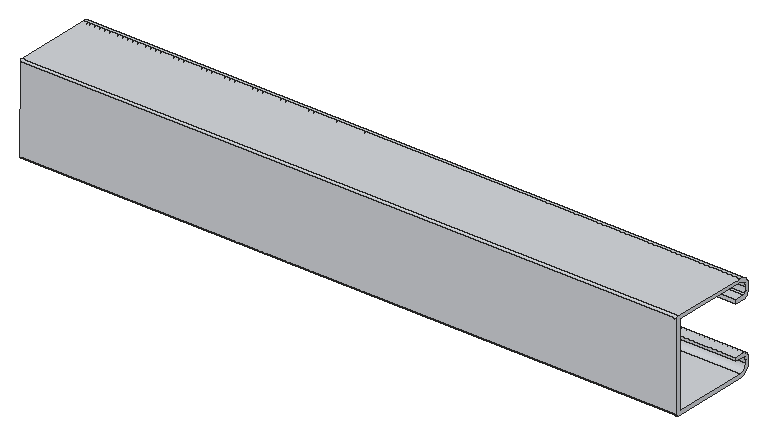
Revit family "Rvt 2016 - Unistrut", category Electrical Fixtures, host Face, Revit 2016
Family settings
  Host = Face
  Maintain Annotation Orientation = No
  Part Type = Normal
  Round Connector Dimension = Use Diameter
  Cut with Voids When Loaded = No
  Shared = No
  Room Calculation Point = No
Parameters (values of type "Unistrut - Up Facing - 1 5/8"")
  Up Facing Small = if(and(Strut Size = 0' 0 13/16", Up), 1 = 1, 1 = 2)  # no
  Up Facing Big = if(and(Strut Size = 0' 1 5/8", Up), 1 = 1, 1 = 2)  # yes
  Up = yes
  Strut Size = 0' - 1 5/8"
  Strut Length [instance] = 1' - 0"
  Spacing From Wall [instance] = 0' - 0"
  Side Facing Small = if(and(Strut Size = 0' 0 13/16", Side), 1 = 1, 1 = 2)  # no
  Side Facing Big = if(and(Strut Size = 0' 1 5/8", Side), 1 = 1, 1 = 2)  # no
  Side = no
  Down Facing Small = if(and(Strut Size = 0' 0 13/16", Down), 1 = 1, 1 = 2)  # no
  Down Facing Big = if(and(Strut Size = 0' 1 5/8", Down), 1 = 1, 1 = 2)  # no
  Down = no
  Default Elevation = 4' - 0"
Types (7): name | Up Facing Small | Up Facing Big | Up | Strut Size | Side Facing Small | Side Facing Big | Side | Down Facing Small | Down Facing Big | Down
  (no name) | no | yes | yes | 0' - 1 5/8" | no | no | no | no | no | no
  Unistrut - Side Facing - 13/16" | no | no | no | 0' - 0 13/16" | yes | no | yes | no | no | no
  Unistrut - Side Facing - 1 5/8" | no | no | no | 0' - 1 5/8" | no | yes | yes | no | no | no
  Unistrut - Down Facing - 13/16" | no | no | no | 0' - 0 13/16" | no | no | no | yes | no | yes
  Unistrut - Down Facing - 1 5/8" | no | no | no | 0' - 1 5/8" | no | no | no | no | yes | yes
  Unistrut - Up Facing - 13/16" | yes | no | yes | 0' - 0 13/16" | no | no | no | no | no | no
  Unistrut - Up Facing - 1 5/8" | no | yes | yes | 0' - 1 5/8" | no | no | no | no | no | no
Reference planes (in)
  plane 1 "Center (Front/Back)": y = 0
  plane 2: z = 0
  plane 3 "Center (Left/Right)": x = 0
  plane 4: x = -6
  plane 5: x = 6
  plane 6: z = 0
Dimensions and locks (in)
  equal spacing: plane 4, plane 3 "Center (Left/Right)", plane 5
  "Strut Length": plane 4 to plane 5
  "Spacing From Wall": plane 6 to host face
  aligned and locked: plane 2 to host face
  aligned and locked: level to host face
  aligned and locked: plane 5 to nested 4
  aligned and locked: plane 4 to nested 3
  aligned and locked: plane 5 to nested 3
  aligned and locked: nested 1 to plane 5
  aligned and locked: nested 1 to plane 4
  aligned and locked: plane 4 to nested 2
  aligned and locked: plane 5 to nested 2
  aligned and locked: plane 4 to nested 4
  aligned and locked: nested 4 to plane 6
  aligned and locked: nested 2 to plane 6
  aligned and locked: nested 1 to plane 6
  aligned and locked: nested 3 to plane 6
  aligned and locked: plane 4 to nested 6
  aligned and locked: plane 5 to nested 6
  aligned and locked: plane 5 to nested 5
  aligned and locked: plane 4 to nested 5
  aligned and locked: nested 6 to plane 6
  aligned and locked: nested 5 to plane 6
Automatic sketch dimensions
  host sketch curve to host sketch curve = 8' - 0"  (x2)
Nested families (in)
  nested 1: "Unistrut Model Base - 13_16 in - Up Open" at (0, 1.625, 0.8125) x (-1, 0, 0) z (0, 0, 1), visible <- "Side Facing Small", type "Unistrut Model Base - 13_16 in - Up Open"
    with Strut Length 1' - 0"
  nested 2: "Unistrut Model Base - 1_5_8th in - Up Open" at (0, 0, 1.625), visible <- "Side Facing Big", type "Unistrut Model Base - 1_5_8th in - Up Open"
    with Strut length 1' - 0"
  nested 3: "Unistrut Model Base - 13_16 in - Side Open Rev" at (0, 0, 1.625), visible <- "Up Facing Small", type "Unistrut Model Base - 13_16 in - Side Open Rev"
    with Strut Length 1' - 0"
  nested 4: "Unistrut Model Base - 1_5_8th in - Side Open Rev" at (0, 0, 1.625), visible <- "Up Facing Big", type "Unistrut Model Base - 1_5_8th in - Side Open Rev"
    with Strut length 1' - 0"
  nested 5: "Unistrut Model Base - 13_16 in - Side Open" at (0, 0, 1.625), visible <- "Down Facing Small", type "Unistrut Model Base - 13_16 in - Side Open"
    with Strut Length 1' - 0"
  nested 6: "Unistrut Model Base - 1_5_8th in - Side Open" at (0, 0, 1.625), visible <- "Down Facing Big", type "Unistrut Model Base - 1_5_8th in - Side Open"
    with Strut length 1' - 0"
Definition of nested family "Unistrut Model Base - 13_16 in - Up Open"
  Parameters (values of type "Unistrut Model Base - 13_16 in - Up Open")
    Strut Length [instance] = 1' - 0"
  Reference planes (in)
    plane 1 "Center (Front/Back)": y = 0
    plane 2: z = 0
    plane 3 "Center (Left/Right)": x = 0
    plane 4: x = -6
    plane 5: x = 6
  Forms (in)
    Extrusion 1, solid
      sketch origin (-5.76274, 0.8125, -0.73351) x (0, 1, 0) y (0, 0, 1)
        loop
          arc (0.8125, 0.55294) -> (0.75715, 0.68309) -> (0.625, 0.73351) r 0.1807
          arc (0.625, 0.73351) -> (0.56959, 0.72813) -> (0.5152, 0.71625) r 0.47073
          arc (0.5152, 0.71625) -> (0.46967, 0.6925) -> (0.4375, 0.65247) r 0.12524
          line (0.4375, 0.65247) -> (0.4375, 0.45226) -> (0.5, 0.45226) -> (0.5, 0.63471)
          arc (0.5, 0.63471) -> (0.51438, 0.64793) -> (0.53213, 0.65608) r 0.06274
          arc (0.53213, 0.65608) -> (0.5793, 0.66639) -> (0.62735, 0.67106) r 0.40823
          arc (0.62735, 0.67106) -> (0.71379, 0.63808) -> (0.75, 0.55294) r 0.1182
          line (0.75, 0.55294) -> (0.75, -0.01649) -> (-0.75, -0.01649) -> (-0.75, 0.55294)
          arc (-0.75, 0.55294) -> (-0.71379, 0.63808) -> (-0.62735, 0.67106) r 0.1182
          arc (-0.62735, 0.67106) -> (-0.5793, 0.66639) -> (-0.53213, 0.65608) r 0.40823
          arc (-0.53213, 0.65608) -> (-0.51438, 0.64793) -> (-0.5, 0.63471) r 0.06274
          line (-0.5, 0.63471) -> (-0.5, 0.45226) -> (-0.4375, 0.45226) -> (-0.4375, 0.65247)
          arc (-0.4375, 0.65247) -> (-0.46967, 0.6925) -> (-0.5152, 0.71625) r 0.12524
          arc (-0.5152, 0.71625) -> (-0.56959, 0.72813) -> (-0.625, 0.73351) r 0.47073
          arc (-0.625, 0.73351) -> (-0.75715, 0.68309) -> (-0.8125, 0.55294) r 0.1807
          line (-0.8125, 0.55294) -> (-0.8125, -0.04774)
          arc (-0.8125, -0.04774) -> (-0.80335, -0.06984) -> (-0.78125, -0.07899) r 0.03125
          line (-0.78125, -0.07899) -> (0.78125, -0.07899)
          arc (0.78125, -0.07899) -> (0.80335, -0.06984) -> (0.8125, -0.04774) r 0.03125
          line (0.8125, -0.04774) -> (0.8125, 0.55294)
      from -0.23726 to 11.76274
  Dimensions and locks (in)
    equal spacing: plane 4, plane 3 "Center (Left/Right)", plane 5
    "Strut Length": plane 4 to plane 5
    aligned and locked: plane 2 to level
    aligned and locked: Extrusion 1 to plane 4
    aligned and locked: plane 5 to Extrusion 1
  Automatic sketch dimensions
    Extrusion 1 sketch curve to Extrusion 1 sketch curve = 0' - 0"  (x14)
    Extrusion 1 sketch curve to plane 1 "Center (Front/Back)" = 0' - 0"
    Extrusion 1 sketch curve to level = 0' - 0"  (x4)
    Extrusion 1 sketch curve to plane 1 "Center (Front/Back)" = 0' - 0 1/32"
    Extrusion 1 sketch curve to plane 1 "Center (Front/Back)" = 0' - 0 1/16"
    Extrusion 1 sketch curve to plane 1 "Center (Front/Back)" = 0' - 0.16979"
    Extrusion 1 sketch curve to Extrusion 1 sketch curve = 0' - 0.1182"
    Extrusion 1 sketch curve to Extrusion 1 sketch curve = 0' - 0.08267"  (x2)
    Extrusion 1 sketch curve to Extrusion 1 sketch curve = 0' - 0.04913"  (x2)
    Extrusion 1 sketch curve to Extrusion 1 sketch curve = 0' - 0 1/16"  (x2)
    Extrusion 1 sketch curve to level = 0' - 0 9/32"
    Extrusion 1 sketch curve to Extrusion 1 sketch curve = 0' - 0 7/8"
    Extrusion 1 sketch curve to Extrusion 1 sketch curve = 0' - 0.14271"
    Extrusion 1 sketch curve to Extrusion 1 sketch curve = 0' - 0.10729"
    Extrusion 1 sketch curve to Extrusion 1 sketch curve = 0' - 0 1/32"  (x3)
    Extrusion 1 sketch curve to level = 0' - 0.4704"
    Extrusion 1 sketch curve to Extrusion 1 sketch curve = 0' - 0.18915"
    Extrusion 1 sketch curve to Extrusion 1 sketch curve = 0' - 0.2796"
    Extrusion 1 sketch curve to Extrusion 1 sketch curve = 0' - 0.10067"
    Extrusion 1 sketch curve to Extrusion 1 sketch curve = 0' - 0.04275"  (x2)
    Extrusion 1 sketch curve to Extrusion 1 sketch curve = 0' - 0.03902"  (x2)
    Extrusion 1 sketch curve to Extrusion 1 sketch curve = 0' - 0.01776"  (x2)
Definition of nested family "Unistrut Model Base - 1_5_8th in - Up Open"
  Parameters (values of type "Unistrut Model Base - 1_5_8th in - Up Open")
    Strut length [instance] = 1' - 0"
  Reference planes (in)
    plane 1 "Center (Front/Back)": y = 0
    plane 2: z = 0
    plane 3 "Center (Left/Right)": x = 0
    plane 4: x = -6
    plane 5: x = 6
  Forms (in)
    Extrusion 1, solid
      sketch origin (12.75, 0.8125, -1.54601) x (0, 1, 0) y (0, 0, 1)
        loop
          arc (0.8125, 1.36544) -> (0.75715, 1.49559) -> (0.625, 1.54601) r 0.1807
          arc (0.625, 1.54601) -> (0.56959, 1.54063) -> (0.5152, 1.52875) r 0.47073
          arc (0.5152, 1.52875) -> (0.46967, 1.505) -> (0.4375, 1.46497) r 0.12524
          line (0.4375, 1.46497) -> (0.4375, 1.26476) -> (0.5, 1.26476) -> (0.5, 1.44721)
          arc (0.5, 1.44721) -> (0.51438, 1.46043) -> (0.53213, 1.46858) r 0.06274
          arc (0.53213, 1.46858) -> (0.5793, 1.47889) -> (0.62735, 1.48356) r 0.40823
          arc (0.62735, 1.48356) -> (0.71379, 1.45058) -> (0.75, 1.36544) r 0.1182
          line (0.75, 1.36544) -> (0.75, -0.01649) -> (-0.75, -0.01649) -> (-0.75, 1.36544)
          arc (-0.75, 1.36544) -> (-0.71379, 1.45058) -> (-0.62735, 1.48356) r 0.1182
          arc (-0.62735, 1.48356) -> (-0.5793, 1.47889) -> (-0.53213, 1.46858) r 0.40823
          arc (-0.53213, 1.46858) -> (-0.51438, 1.46043) -> (-0.5, 1.44721) r 0.06274
          line (-0.5, 1.44721) -> (-0.5, 1.26476) -> (-0.4375, 1.26476) -> (-0.4375, 1.46497)
          arc (-0.4375, 1.46497) -> (-0.46967, 1.505) -> (-0.5152, 1.52875) r 0.12524
          arc (-0.5152, 1.52875) -> (-0.56959, 1.54063) -> (-0.625, 1.54601) r 0.47073
          arc (-0.625, 1.54601) -> (-0.75715, 1.49559) -> (-0.8125, 1.36544) r 0.1807
          line (-0.8125, 1.36544) -> (-0.8125, -0.04774)
          arc (-0.8125, -0.04774) -> (-0.80335, -0.06984) -> (-0.78125, -0.07899) r 0.03125
          line (-0.78125, -0.07899) -> (0.78125, -0.07899)
          arc (0.78125, -0.07899) -> (0.80335, -0.06984) -> (0.8125, -0.04774) r 0.03125
          line (0.8125, -0.04774) -> (0.8125, 1.36544)
      from -18.75 to -6.75
  Dimensions and locks (in)
    equal spacing: plane 4, plane 3 "Center (Left/Right)", plane 5
    "Strut length": plane 4 to plane 5
    aligned and locked: plane 2 to level
    aligned and locked: Extrusion 1 to plane 4
    aligned and locked: plane 5 to Extrusion 1
  Automatic sketch dimensions
    Extrusion 1 sketch curve to Extrusion 1 sketch curve = 0' - 0"  (x14)
    Extrusion 1 sketch curve to plane 1 "Center (Front/Back)" = 0' - 0"
    Extrusion 1 sketch curve to level = 0' - 0"  (x4)
    Extrusion 1 sketch curve to plane 1 "Center (Front/Back)" = 0' - 0 1/32"
    Extrusion 1 sketch curve to plane 1 "Center (Front/Back)" = 0' - 0 1/16"
    Extrusion 1 sketch curve to plane 1 "Center (Front/Back)" = 0' - 0.16979"
    Extrusion 1 sketch curve to Extrusion 1 sketch curve = 0' - 0.1182"
    Extrusion 1 sketch curve to Extrusion 1 sketch curve = 0' - 0.08267"  (x2)
    Extrusion 1 sketch curve to Extrusion 1 sketch curve = 0' - 0.04913"  (x2)
    Extrusion 1 sketch curve to Extrusion 1 sketch curve = 0' - 0 1/16"  (x2)
    Extrusion 1 sketch curve to level = 0' - 0 9/32"
    Extrusion 1 sketch curve to Extrusion 1 sketch curve = 0' - 0 7/8"
    Extrusion 1 sketch curve to Extrusion 1 sketch curve = 0' - 0.14271"
    Extrusion 1 sketch curve to Extrusion 1 sketch curve = 0' - 0.10729"
    Extrusion 1 sketch curve to Extrusion 1 sketch curve = 0' - 0 1/32"  (x3)
    Extrusion 1 sketch curve to level = 0' - 0.4704"
    Extrusion 1 sketch curve to Extrusion 1 sketch curve = 0' - 0.18915"
    Extrusion 1 sketch curve to Extrusion 1 sketch curve = 0' - 1.0921"
    Extrusion 1 sketch curve to Extrusion 1 sketch curve = 0' - 0.10067"
    Extrusion 1 sketch curve to Extrusion 1 sketch curve = 0' - 0.04275"  (x2)
    Extrusion 1 sketch curve to Extrusion 1 sketch curve = 0' - 0.03902"  (x2)
    Extrusion 1 sketch curve to Extrusion 1 sketch curve = 0' - 0.01776"  (x2)
Definition of nested family "Unistrut Model Base - 13_16 in - Side Open Rev"
  Parameters (values of type "Unistrut Model Base - 13_16 in - Side Open")
    Strut Length [instance] = 1' - 0"
  Reference planes (in)
    plane 1 "Center (Front/Back)": y = 0
    plane 2: z = 0
    plane 3 "Center (Left/Right)": x = 0
    plane 4: x = -6
    plane 5: x = 6
  Forms (in)
    Extrusion 1, solid
      sketch origin (-5.76274, 0.07899, -0.8125) x (0, 0, -1) y (0, 1, 0)
        loop
          arc (0.8125, 0.55294) -> (0.75715, 0.68309) -> (0.625, 0.73351) r 0.1807
          arc (0.625, 0.73351) -> (0.56959, 0.72813) -> (0.5152, 0.71625) r 0.47073
          arc (0.5152, 0.71625) -> (0.46967, 0.6925) -> (0.4375, 0.65247) r 0.12524
          line (0.4375, 0.65247) -> (0.4375, 0.45226) -> (0.5, 0.45226) -> (0.5, 0.63471)
          arc (0.5, 0.63471) -> (0.51438, 0.64793) -> (0.53213, 0.65608) r 0.06274
          arc (0.53213, 0.65608) -> (0.5793, 0.66639) -> (0.62735, 0.67106) r 0.40823
          arc (0.62735, 0.67106) -> (0.71379, 0.63808) -> (0.75, 0.55294) r 0.1182
          line (0.75, 0.55294) -> (0.75, -0.01649) -> (-0.75, -0.01649) -> (-0.75, 0.55294)
          arc (-0.75, 0.55294) -> (-0.71379, 0.63808) -> (-0.62735, 0.67106) r 0.1182
          arc (-0.62735, 0.67106) -> (-0.5793, 0.66639) -> (-0.53213, 0.65608) r 0.40823
          arc (-0.53213, 0.65608) -> (-0.51438, 0.64793) -> (-0.5, 0.63471) r 0.06274
          line (-0.5, 0.63471) -> (-0.5, 0.45226) -> (-0.4375, 0.45226) -> (-0.4375, 0.65247)
          arc (-0.4375, 0.65247) -> (-0.46967, 0.6925) -> (-0.5152, 0.71625) r 0.12524
          arc (-0.5152, 0.71625) -> (-0.56959, 0.72813) -> (-0.625, 0.73351) r 0.47073
          arc (-0.625, 0.73351) -> (-0.75715, 0.68309) -> (-0.8125, 0.55294) r 0.1807
          line (-0.8125, 0.55294) -> (-0.8125, -0.04774)
          arc (-0.8125, -0.04774) -> (-0.80335, -0.06984) -> (-0.78125, -0.07899) r 0.03125
          line (-0.78125, -0.07899) -> (0.78125, -0.07899)
          arc (0.78125, -0.07899) -> (0.80335, -0.06984) -> (0.8125, -0.04774) r 0.03125
          line (0.8125, -0.04774) -> (0.8125, 0.55294)
      from -0.23726 to 11.76274
  Dimensions and locks (in)
    equal spacing: plane 4, plane 3 "Center (Left/Right)", plane 5
    "Strut Length": plane 4 to plane 5
    aligned and locked: plane 2 to level
    aligned and locked: Extrusion 1 to plane 4
    aligned and locked: plane 5 to Extrusion 1
  Automatic sketch dimensions
    Extrusion 1 sketch curve to Extrusion 1 sketch curve = 0' - 0"  (x16)
    Extrusion 1 sketch curve to level = 0' - 0"
    Extrusion 1 sketch curve to plane 1 "Center (Front/Back)" = 0' - 0"
    Extrusion 1 sketch curve to Extrusion 1 sketch curve = 0' - 0 1/32"  (x3)
    Extrusion 1 sketch curve to Extrusion 1 sketch curve = 0' - 0 1/16"  (x3)
    Extrusion 1 sketch curve to level = 0' - 0.16979"
    Extrusion 1 sketch curve to Extrusion 1 sketch curve = 0' - 0.1182"
    Extrusion 1 sketch curve to Extrusion 1 sketch curve = 0' - 0.08267"  (x2)
    Extrusion 1 sketch curve to Extrusion 1 sketch curve = 0' - 0.04913"  (x2)
    Extrusion 1 sketch curve to Extrusion 1 sketch curve = 0' - 0 7/8"
    Extrusion 1 sketch curve to Extrusion 1 sketch curve = 0' - 0.14271"
    Extrusion 1 sketch curve to plane 1 "Center (Front/Back)" = 0' - 0 1/16"
    Extrusion 1 sketch curve to Extrusion 1 sketch curve = 0' - 0.10729"
    Extrusion 1 sketch curve to Extrusion 1 sketch curve = 0' - 0.2796"  (x2)
    Extrusion 1 sketch curve to Extrusion 1 sketch curve = 0' - 0.18915"  (x2)
    Extrusion 1 sketch curve to Extrusion 1 sketch curve = 0' - 0.10067"  (x2)
    Extrusion 1 sketch curve to Extrusion 1 sketch curve = 0' - 0.04275"  (x2)
    Extrusion 1 sketch curve to Extrusion 1 sketch curve = 0' - 0.03902"  (x2)
    Extrusion 1 sketch curve to Extrusion 1 sketch curve = 0' - 0.01776"  (x2)
Definition of nested family "Unistrut Model Base - 1_5_8th in - Side Open Rev"
  Parameters (values of type "Unistrut Model Base - 1_5_8th in - Side Open")
    Strut length [instance] = 1' - 0"
  Reference planes (in)
    plane 1 "Center (Front/Back)": y = 0
    plane 2: z = 0
    plane 3 "Center (Left/Right)": x = 0
    plane 4: x = -6
    plane 5: x = 6
  Forms (in)
    Extrusion 1, solid
      sketch origin (12.75, 0.07899, -0.8125) x (0, 0, -1) y (0, 1, 0)
        loop
          arc (0.8125, 1.36544) -> (0.75715, 1.49559) -> (0.625, 1.54601) r 0.1807
          arc (0.625, 1.54601) -> (0.56959, 1.54063) -> (0.5152, 1.52875) r 0.47073
          arc (0.5152, 1.52875) -> (0.46967, 1.505) -> (0.4375, 1.46497) r 0.12524
          line (0.4375, 1.46497) -> (0.4375, 1.26476) -> (0.5, 1.26476) -> (0.5, 1.44721)
          arc (0.5, 1.44721) -> (0.51438, 1.46043) -> (0.53213, 1.46858) r 0.06274
          arc (0.53213, 1.46858) -> (0.5793, 1.47889) -> (0.62735, 1.48356) r 0.40823
          arc (0.62735, 1.48356) -> (0.71379, 1.45058) -> (0.75, 1.36544) r 0.1182
          line (0.75, 1.36544) -> (0.75, -0.01649) -> (-0.75, -0.01649) -> (-0.75, 1.36544)
          arc (-0.75, 1.36544) -> (-0.71379, 1.45058) -> (-0.62735, 1.48356) r 0.1182
          arc (-0.62735, 1.48356) -> (-0.5793, 1.47889) -> (-0.53213, 1.46858) r 0.40823
          arc (-0.53213, 1.46858) -> (-0.51438, 1.46043) -> (-0.5, 1.44721) r 0.06274
          line (-0.5, 1.44721) -> (-0.5, 1.26476) -> (-0.4375, 1.26476) -> (-0.4375, 1.46497)
          arc (-0.4375, 1.46497) -> (-0.46967, 1.505) -> (-0.5152, 1.52875) r 0.12524
          arc (-0.5152, 1.52875) -> (-0.56959, 1.54063) -> (-0.625, 1.54601) r 0.47073
          arc (-0.625, 1.54601) -> (-0.75715, 1.49559) -> (-0.8125, 1.36544) r 0.1807
          line (-0.8125, 1.36544) -> (-0.8125, -0.04774)
          arc (-0.8125, -0.04774) -> (-0.80335, -0.06984) -> (-0.78125, -0.07899) r 0.03125
          line (-0.78125, -0.07899) -> (0.78125, -0.07899)
          arc (0.78125, -0.07899) -> (0.80335, -0.06984) -> (0.8125, -0.04774) r 0.03125
          line (0.8125, -0.04774) -> (0.8125, 1.36544)
      from -18.75 to -6.75
  Dimensions and locks (in)
    equal spacing: plane 4, plane 3 "Center (Left/Right)", plane 5
    "Strut length": plane 4 to plane 5
    aligned and locked: plane 2 to level
    aligned and locked: Extrusion 1 to plane 4
    aligned and locked: plane 5 to Extrusion 1
  Automatic sketch dimensions
    Extrusion 1 sketch curve to Extrusion 1 sketch curve = 0' - 0"  (x16)
    Extrusion 1 sketch curve to plane 1 "Center (Front/Back)" = 0' - 0"
    Extrusion 1 sketch curve to level = 0' - 0"
    Extrusion 1 sketch curve to Extrusion 1 sketch curve = 0' - 0 1/32"  (x3)
    Extrusion 1 sketch curve to Extrusion 1 sketch curve = 0' - 0 1/16"  (x3)
    Extrusion 1 sketch curve to level = 0' - 0.16979"
    Extrusion 1 sketch curve to Extrusion 1 sketch curve = 0' - 0.1182"
    Extrusion 1 sketch curve to Extrusion 1 sketch curve = 0' - 0.08267"  (x2)
    Extrusion 1 sketch curve to Extrusion 1 sketch curve = 0' - 0.04913"  (x2)
    Extrusion 1 sketch curve to Extrusion 1 sketch curve = 0' - 0 7/8"
    Extrusion 1 sketch curve to Extrusion 1 sketch curve = 0' - 0.14271"
    Extrusion 1 sketch curve to plane 1 "Center (Front/Back)" = 0' - 0 1/16"
    Extrusion 1 sketch curve to Extrusion 1 sketch curve = 0' - 0.10729"
    Extrusion 1 sketch curve to Extrusion 1 sketch curve = 0' - 1.0921"  (x2)
    Extrusion 1 sketch curve to Extrusion 1 sketch curve = 0' - 0.18915"  (x2)
    Extrusion 1 sketch curve to Extrusion 1 sketch curve = 0' - 0.10067"  (x2)
    Extrusion 1 sketch curve to Extrusion 1 sketch curve = 0' - 0.04275"  (x2)
    Extrusion 1 sketch curve to Extrusion 1 sketch curve = 0' - 0.03902"  (x2)
    Extrusion 1 sketch curve to Extrusion 1 sketch curve = 0' - 0.01776"  (x2)
Definition of nested family "Unistrut Model Base - 13_16 in - Side Open"
  Parameters (values of type "Unistrut Model Base - 13_16 in - Side Open")
    Strut Length [instance] = 1' - 0"
  Reference planes (in)
    plane 1 "Center (Front/Back)": y = 0
    plane 2: z = 0
    plane 3 "Center (Left/Right)": x = 0
    plane 4: x = -6
    plane 5: x = 6
  Forms (in)
    Extrusion 1, solid
      sketch origin (-5.76274, 0.73351, -0.8125) x (0, 0, 1) y (0, -1, 0)
        loop
          arc (0.8125, 0.55294) -> (0.75715, 0.68309) -> (0.625, 0.73351) r 0.1807
          arc (0.625, 0.73351) -> (0.56959, 0.72813) -> (0.5152, 0.71625) r 0.47073
          arc (0.5152, 0.71625) -> (0.46967, 0.6925) -> (0.4375, 0.65247) r 0.12524
          line (0.4375, 0.65247) -> (0.4375, 0.45226) -> (0.5, 0.45226) -> (0.5, 0.63471)
          arc (0.5, 0.63471) -> (0.51438, 0.64793) -> (0.53213, 0.65608) r 0.06274
          arc (0.53213, 0.65608) -> (0.5793, 0.66639) -> (0.62735, 0.67106) r 0.40823
          arc (0.62735, 0.67106) -> (0.71379, 0.63808) -> (0.75, 0.55294) r 0.1182
          line (0.75, 0.55294) -> (0.75, -0.01649) -> (-0.75, -0.01649) -> (-0.75, 0.55294)
          arc (-0.75, 0.55294) -> (-0.71379, 0.63808) -> (-0.62735, 0.67106) r 0.1182
          arc (-0.62735, 0.67106) -> (-0.5793, 0.66639) -> (-0.53213, 0.65608) r 0.40823
          arc (-0.53213, 0.65608) -> (-0.51438, 0.64793) -> (-0.5, 0.63471) r 0.06274
          line (-0.5, 0.63471) -> (-0.5, 0.45226) -> (-0.4375, 0.45226) -> (-0.4375, 0.65247)
          arc (-0.4375, 0.65247) -> (-0.46967, 0.6925) -> (-0.5152, 0.71625) r 0.12524
          arc (-0.5152, 0.71625) -> (-0.56959, 0.72813) -> (-0.625, 0.73351) r 0.47073
          arc (-0.625, 0.73351) -> (-0.75715, 0.68309) -> (-0.8125, 0.55294) r 0.1807
          line (-0.8125, 0.55294) -> (-0.8125, -0.04774)
          arc (-0.8125, -0.04774) -> (-0.80335, -0.06984) -> (-0.78125, -0.07899) r 0.03125
          line (-0.78125, -0.07899) -> (0.78125, -0.07899)
          arc (0.78125, -0.07899) -> (0.80335, -0.06984) -> (0.8125, -0.04774) r 0.03125
          line (0.8125, -0.04774) -> (0.8125, 0.55294)
      from -0.23726 to 11.76274
  Dimensions and locks (in)
    equal spacing: plane 4, plane 3 "Center (Left/Right)", plane 5
    "Strut Length": plane 4 to plane 5
    aligned and locked: plane 2 to level
    aligned and locked: Extrusion 1 to plane 4
    aligned and locked: plane 5 to Extrusion 1
  Automatic sketch dimensions
    Extrusion 1 sketch curve to Extrusion 1 sketch curve = 0' - 0"  (x14)
    Extrusion 1 sketch curve to plane 1 "Center (Front/Back)" = 0' - 0"  (x4)
    Extrusion 1 sketch curve to level = 0' - 0"
    Extrusion 1 sketch curve to level = 0' - 0 1/32"
    Extrusion 1 sketch curve to Extrusion 1 sketch curve = 0' - 0 1/16"  (x3)
    Extrusion 1 sketch curve to level = 0' - 0.16979"
    Extrusion 1 sketch curve to Extrusion 1 sketch curve = 0' - 0.1182"
    Extrusion 1 sketch curve to Extrusion 1 sketch curve = 0' - 0.08267"  (x2)
    Extrusion 1 sketch curve to Extrusion 1 sketch curve = 0' - 0.04913"  (x2)
    Extrusion 1 sketch curve to plane 1 "Center (Front/Back)" = 0' - 0.08104"
    Extrusion 1 sketch curve to Extrusion 1 sketch curve = 0' - 0 7/8"
    Extrusion 1 sketch curve to Extrusion 1 sketch curve = 0' - 0.14271"
    Extrusion 1 sketch curve to Extrusion 1 sketch curve = 0' - 0.10729"
    Extrusion 1 sketch curve to Extrusion 1 sketch curve = 0' - 0 1/32"  (x3)
    Extrusion 1 sketch curve to plane 1 "Center (Front/Back)" = 0' - 0.0988"
    Extrusion 1 sketch curve to Extrusion 1 sketch curve = 0' - 0.01776"  (x2)
    Extrusion 1 sketch curve to Extrusion 1 sketch curve = 0' - 0.03902"  (x2)
    Extrusion 1 sketch curve to Extrusion 1 sketch curve = 0' - 0.04275"
    Extrusion 1 sketch curve to plane 1 "Center (Front/Back)" = 0' - 0.18058"
    Extrusion 1 sketch curve to Extrusion 1 sketch curve = 0' - 0.14343"  (x2)
    Extrusion 1 sketch curve to Extrusion 1 sketch curve = 0' - 0.2796"
Definition of nested family "Unistrut Model Base - 1_5_8th in - Side Open"
  Parameters (values of type "Unistrut Model Base - 1_5_8th in - Side Open")
    Strut length [instance] = 1' - 0"
  Reference planes (in)
    plane 1 "Center (Front/Back)": y = 0
    plane 2: z = 0
    plane 3 "Center (Left/Right)": x = 0
    plane 4: x = -6
    plane 5: x = 6
  Forms (in)
    Extrusion 1, solid
      sketch origin (12.75, 1.54601, -0.8125) x (0, 0, 1) y (0, -1, 0)
        loop
          arc (0.8125, 1.36544) -> (0.75715, 1.49559) -> (0.625, 1.54601) r 0.1807
          arc (0.625, 1.54601) -> (0.56959, 1.54063) -> (0.5152, 1.52875) r 0.47073
          arc (0.5152, 1.52875) -> (0.46967, 1.505) -> (0.4375, 1.46497) r 0.12524
          line (0.4375, 1.46497) -> (0.4375, 1.26476) -> (0.5, 1.26476) -> (0.5, 1.44721)
          arc (0.5, 1.44721) -> (0.51438, 1.46043) -> (0.53213, 1.46858) r 0.06274
          arc (0.53213, 1.46858) -> (0.5793, 1.47889) -> (0.62735, 1.48356) r 0.40823
          arc (0.62735, 1.48356) -> (0.71379, 1.45058) -> (0.75, 1.36544) r 0.1182
          line (0.75, 1.36544) -> (0.75, -0.01649) -> (-0.75, -0.01649) -> (-0.75, 1.36544)
          arc (-0.75, 1.36544) -> (-0.71379, 1.45058) -> (-0.62735, 1.48356) r 0.1182
          arc (-0.62735, 1.48356) -> (-0.5793, 1.47889) -> (-0.53213, 1.46858) r 0.40823
          arc (-0.53213, 1.46858) -> (-0.51438, 1.46043) -> (-0.5, 1.44721) r 0.06274
          line (-0.5, 1.44721) -> (-0.5, 1.26476) -> (-0.4375, 1.26476) -> (-0.4375, 1.46497)
          arc (-0.4375, 1.46497) -> (-0.46967, 1.505) -> (-0.5152, 1.52875) r 0.12524
          arc (-0.5152, 1.52875) -> (-0.56959, 1.54063) -> (-0.625, 1.54601) r 0.47073
          arc (-0.625, 1.54601) -> (-0.75715, 1.49559) -> (-0.8125, 1.36544) r 0.1807
          line (-0.8125, 1.36544) -> (-0.8125, -0.04774)
          arc (-0.8125, -0.04774) -> (-0.80335, -0.06984) -> (-0.78125, -0.07899) r 0.03125
          line (-0.78125, -0.07899) -> (0.78125, -0.07899)
          arc (0.78125, -0.07899) -> (0.80335, -0.06984) -> (0.8125, -0.04774) r 0.03125
          line (0.8125, -0.04774) -> (0.8125, 1.36544)
      from -18.75 to -6.75
  Dimensions and locks (in)
    equal spacing: plane 4, plane 3 "Center (Left/Right)", plane 5
    "Strut length": plane 4 to plane 5
    aligned and locked: plane 2 to level
    aligned and locked: Extrusion 1 to plane 4
    aligned and locked: plane 5 to Extrusion 1
  Automatic sketch dimensions
    Extrusion 1 sketch curve to Extrusion 1 sketch curve = 0' - 0"  (x14)
    Extrusion 1 sketch curve to plane 1 "Center (Front/Back)" = 0' - 0"  (x4)
    Extrusion 1 sketch curve to level = 0' - 0"
    Extrusion 1 sketch curve to level = 0' - 0 1/32"
    Extrusion 1 sketch curve to Extrusion 1 sketch curve = 0' - 0 1/16"  (x3)
    Extrusion 1 sketch curve to level = 0' - 0.16979"
    Extrusion 1 sketch curve to Extrusion 1 sketch curve = 0' - 0.1182"
    Extrusion 1 sketch curve to Extrusion 1 sketch curve = 0' - 0.08267"  (x2)
    Extrusion 1 sketch curve to Extrusion 1 sketch curve = 0' - 0.04913"  (x2)
    Extrusion 1 sketch curve to plane 1 "Center (Front/Back)" = 0' - 0.08104"
    Extrusion 1 sketch curve to Extrusion 1 sketch curve = 0' - 0 7/8"
    Extrusion 1 sketch curve to Extrusion 1 sketch curve = 0' - 0.14271"
    Extrusion 1 sketch curve to Extrusion 1 sketch curve = 0' - 0.10729"
    Extrusion 1 sketch curve to Extrusion 1 sketch curve = 0' - 0 1/32"  (x3)
    Extrusion 1 sketch curve to plane 1 "Center (Front/Back)" = 0' - 0.0988"
    Extrusion 1 sketch curve to Extrusion 1 sketch curve = 0' - 0.01776"  (x2)
    Extrusion 1 sketch curve to Extrusion 1 sketch curve = 0' - 0.03902"  (x2)
    Extrusion 1 sketch curve to Extrusion 1 sketch curve = 0' - 0.04275"
    Extrusion 1 sketch curve to plane 1 "Center (Front/Back)" = 0' - 0.18058"
    Extrusion 1 sketch curve to Extrusion 1 sketch curve = 0' - 0.14343"  (x2)
    Extrusion 1 sketch curve to Extrusion 1 sketch curve = 0' - 1.0921"
